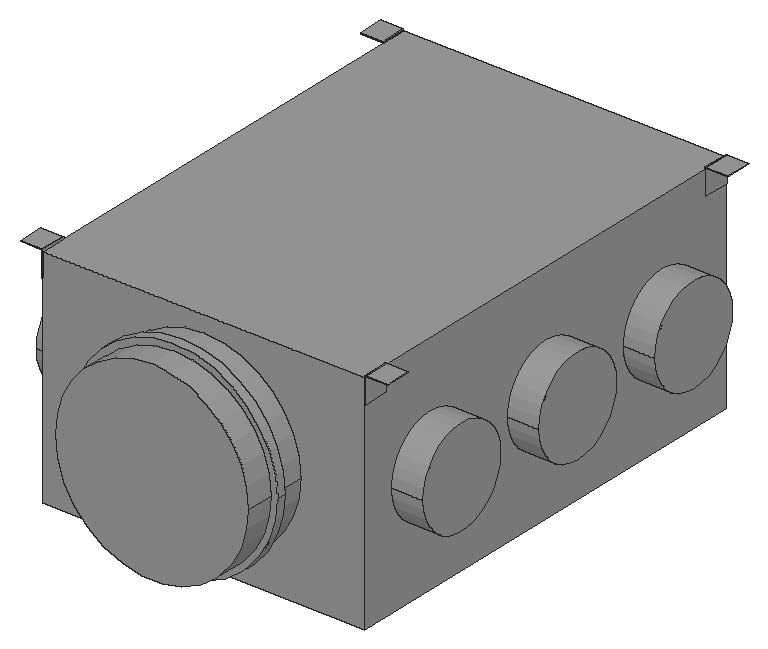
Revit family "FASU(F7-150 300Φ)", category ダクト付属品, Revit 2022
Family settings
  丸型コネクタ寸法 = 直径を使用
  パーツ タイプ = ダンパー
  OmniClass 番号 = 23.75.00.00
  OmniClass タイトル = Climate Control (HVAC)
  作業面ベース = いいえ
  常に垂直 = はい
  ロード時にボイドで切り取り = いいえ
  共有 = いいえ
Parameters
  高さ = 350 mm
  風量 = 0.0 L/s
  符号 = "FASU"
  形式 = "F7-150 300φ"
  幅 [instance] = 500 mm
  奥行き = 700 mm
  大きさ = 250 mm
  呼称 = "FASUチャンバー"
  付属品_下端レベル [instance] = 0 mm
  マテリアル [instance] = 既定値
  ダクト_イン = 300 mm
  ダクト_アウト = 150 mm
  既定の高さ = 0 mm
Reference planes
  plane 1 "中心(正面/背面)": y = 0
  plane 2: z = 0
  plane 3 "中心(左/右)": x = 0
  plane 4: x = -250
  plane 5: x = 250
  plane 6: y = -700
  plane 7: z = 350
  plane 8: z = 175
  plane 9: z = 266.963
  plane 10: z = 86.159
  plane 11: x = -251
  plane 12: z = 313.122
  plane 13: z = 352.122
  plane 14: y = -350
Forms (mm)
  Extrusion 1, solid, material "既定値" <- "マテリアル"
    sketch origin (0, 0, 0) x (1, 0, 0) y (0, 1, 0)
      loop
        line (-250, 0) -> (-250, -700) -> (250, -700) -> (250, 0) -> (-250, 0)
    from 0 to 350
  Extrusion 2, solid, material "既定値" <- "マテリアル"
    sketch origin (0, -30, 0) x (1, 0, 0) y (0, 1, 0)
      loop
        line (-250, 30) -> (-251, 30) -> (-251, -10) -> (-250, -10) -> (-250, 30)
    from 313.122 to 350
  Extrusion 3, solid, material "既定値" <- "マテリアル"
    sketch origin (0, -30, 0) x (1, 0, 0) y (0, 1, 0)
      loop
        line (-285, 30) -> (-285, -10) -> (-251, -10) -> (-251, 30) -> (-285, 30)
    from 352.122 to 350
  Extrusion 4, solid, material "既定値" <- "マテリアル"
    sketch origin (0, -30, 0) x (-1, 0, 0) y (0, -1, 0)
      loop
        line (-250, -30) -> (-250, 10) -> (-251, 10) -> (-251, -30) -> (-250, -30)
    from 313.122 to 353.122
  Extrusion 5, solid, material "既定値" <- "マテリアル"
    sketch origin (0, -30, 0) x (-1, 0, 0) y (0, -1, 0)
      loop
        line (-285, -30) -> (-251, -30) -> (-251, 10) -> (-285, 10) -> (-285, -30)
    from 352.122 to 353.122
  Extrusion 6, solid, material "既定値" <- "マテリアル"
    sketch origin (0, -490, 0) x (1, 0, 0) y (0, 1, 0)
      loop
        line (-285, -170) -> (-285, -210) -> (-251, -210) -> (-251, -170) -> (-285, -170)
    from 352.122 to 353.122
  Extrusion 7, solid, material "既定値" <- "マテリアル"
    sketch origin (0, -490, 0) x (1, 0, 0) y (0, 1, 0)
      loop
        line (-250, -170) -> (-251, -170) -> (-251, -210) -> (-250, -210) -> (-250, -170)
    from 313.122 to 353.122
  Extrusion 8, solid, material "既定値" <- "マテリアル"
    sketch origin (0, -490, 0) x (-1, 0, 0) y (0, -1, 0)
      loop
        line (-285, 170) -> (-251, 170) -> (-251, 210) -> (-285, 210) -> (-285, 170)
    from 352.122 to 353.122
  Extrusion 9, solid, material "既定値" <- "マテリアル"
    sketch origin (0, -490, 0) x (-1, 0, 0) y (0, -1, 0)
      loop
        line (-250, 170) -> (-250, 210) -> (-251, 210) -> (-251, 170) -> (-250, 170)
    from 313.122 to 353.122
  Extrusion 10, solid, material "既定値" <- "マテリアル"
    sketch origin (550, -582.5, 0) x (0, -1, 0) y (0, 0, -1)
      loop
        circle (-232.5, -175) r 74.985
    from -300 to -250
  Extrusion 11, solid, material "既定値" <- "マテリアル"
    sketch origin (-550, -582.5, 0) x (0, -1, 0) y (0, 0, 1)
      loop
        circle (-232.5, 175) r 74.985
    from -300 to -250
  Extrusion 12, solid, material "既定値" <- "マテリアル"
    sketch origin (0, -700, 0) x (1, 0, 0) y (0, 0, 1)
      loop
        circle (0, 175) r 150
    from 0 to 42.5
  Extrusion 13, solid, material "既定値" <- "マテリアル"
    sketch origin (0, -743, 0) x (1, 0, 0) y (0, 0, 1)
      loop
        circle (0, 175) r 160
    from -0.5 to 14.5
  Extrusion 14, solid, material "既定値" <- "マテリアル"
    sketch origin (0, -757.5, 0) x (1, 0, 0) y (0, 0, 1)
      loop
        circle (0, 175) r 150
    from 0 to 42.5
  Extrusion 15, solid, material "既定値" <- "マテリアル"
    sketch origin (550, -357.5, 0) x (0, -1, 0) y (0, 0, -1)
      loop
        circle (-232.5, -175) r 74.985
    from -300 to -250
  Extrusion 16, solid, material "既定値" <- "マテリアル"
    sketch origin (-550, -357.5, 0) x (0, -1, 0) y (0, 0, 1)
      loop
        circle (-232.5, 175) r 74.985
    from -300 to -250
  Extrusion 17, solid, material "既定値" <- "マテリアル"
    sketch origin (550, -142.5, 0) x (0, 1, 0) y (0, 0, 1)
      loop
        circle (-432.5, 175) r 74.985
    from -300 to -250
  Extrusion 18, solid, material "既定値" <- "マテリアル"
    sketch origin (0, -142.5, 0) x (0, 1, 0) y (0, 0, 1)
      loop
        circle (-432.5, 175) r 74.985
    from -300 to -250
  Extrusion 19, solid, material "既定値" <- "マテリアル"
    sketch origin (232.5, 300, 0) x (1, 0, 0) y (0, 0, -1)
      loop
        circle (-232.5, -175) r 74.985
    from -300 to -250
Lines and regions (mm)
  model lines
    curve 1: line (-250, -30, 0) -> (250, -30, 0)
    curve 2: line (-250, -670, 0) -> (250, -670, 0)
Text (mm)
  text "FASU(F7-150 300Φ)" at (3.713, -630.412, 0), in view "参照レベル"
Dimensions and locks
  equal spacing: plane 4, plane 3 "中心(左/右)", plane 5
  "幅": plane 4 to plane 5
  "奥行き": plane 6 to plane 1 "中心(正面/背面)"
  "高さ": plane 7 to level
  equal spacing: plane 7, plane 8, level
  equal spacing: plane 6, plane 14, plane 1 "中心(正面/背面)"
  aligned and locked: level to plane 2
  aligned and locked: Extrusion 1 sketch curve to plane 5
  aligned and locked: plane 7 to Extrusion 1
  aligned and locked: Extrusion 2 sketch curve to Extrusion 1
  aligned and locked: plane 7 to Extrusion 2
  aligned and locked: Extrusion 3 sketch curve to Extrusion 2
  aligned and locked: Extrusion 2 to Extrusion 3 sketch curve
  aligned and locked: plane 7 to Extrusion 3
  aligned and locked: Extrusion 3 to plane 13
  aligned and locked: Extrusion 4 to Extrusion 5 sketch curve
  aligned and locked: Extrusion 5 sketch curve to Extrusion 4
  aligned and locked: Extrusion 1 to Extrusion 8
  aligned and locked: Extrusion 6 to Extrusion 1
  aligned and locked: Extrusion 7 to Extrusion 1
  aligned and locked: Extrusion 1 to Extrusion 9
  aligned and locked: Extrusion 9 to Extrusion 8
  aligned and locked: Extrusion 7 to Extrusion 6
  aligned and locked: plane 4 to Extrusion 7
  aligned and locked: Extrusion 9 to plane 5
  aligned and locked: plane 4 to curve 1
  aligned and locked: plane 5 to curve 1
  aligned and locked: plane 5 to curve 2
  aligned and locked: Extrusion 1 to Extrusion 3
  aligned and locked: Extrusion 5 to Extrusion 1
  aligned and locked: Extrusion 4 to plane 5
  aligned and locked: Extrusion 1 to plane 6
  aligned and locked: Extrusion 1 to plane 1 "中心(正面/背面)"
  aligned and locked: plane 6 to Extrusion 12
  aligned and locked: Extrusion 15 to plane 5
  aligned and locked: plane 4 to Extrusion 16
  aligned and locked: Extrusion 17 to plane 5
  aligned and locked: plane 4 to Extrusion 18
Automatic sketch dimensions
  curve 2 to plane 4 = 0 mm
  plane 6 to curve 2 = 30 mm
  plane 1 "中心(正面/背面)" to curve 1 = 30 mm
  Extrusion 1 sketch curve to plane 4 = 0 mm
  Extrusion 1 sketch curve to plane 6 = 0 mm
  plane 1 "中心(正面/背面)" to Extrusion 1 sketch curve = 0 mm
  plane 1 "中心(正面/背面)" to Extrusion 2 sketch curve = 0 mm
  Extrusion 2 sketch curve to plane 11 = 0 mm
  Extrusion 2 sketch curve to Extrusion 2 sketch curve = 40 mm
  plane 1 "中心(正面/背面)" to Extrusion 3 sketch curve = 0 mm
  Extrusion 3 sketch curve to Extrusion 3 sketch curve = 34 mm
  plane 1 "中心(正面/背面)" to Extrusion 4 sketch curve = 0 mm
  Extrusion 4 sketch curve to plane 5 = 0 mm
  Extrusion 4 sketch curve to Extrusion 4 sketch curve = 1 mm
  Extrusion 4 sketch curve to Extrusion 4 sketch curve = 40 mm
  plane 1 "中心(正面/背面)" to Extrusion 5 sketch curve = 0 mm
  Extrusion 5 sketch curve to Extrusion 5 sketch curve = 34 mm
  Extrusion 6 sketch curve to plane 6 = 0 mm
  Extrusion 6 sketch curve to plane 11 = 0 mm
  Extrusion 6 sketch curve to plane 11 = 34 mm
  plane 6 to Extrusion 6 sketch curve = 40 mm
  Extrusion 7 sketch curve to plane 11 = 0 mm
  Extrusion 7 sketch curve to plane 4 = 0 mm
  Extrusion 7 sketch curve to plane 6 = 0 mm
  plane 6 to Extrusion 7 sketch curve = 40 mm
  Extrusion 8 sketch curve to plane 6 = 0 mm
  Extrusion 8 sketch curve to plane 5 = 35 mm
  Extrusion 8 sketch curve to plane 5 = 1 mm
  Extrusion 8 sketch curve to Extrusion 8 sketch curve = 40 mm
  Extrusion 9 sketch curve to plane 6 = 0 mm
  Extrusion 9 sketch curve to plane 5 = 0 mm
  Extrusion 9 sketch curve to Extrusion 9 sketch curve = 1 mm
  Extrusion 9 sketch curve to Extrusion 9 sketch curve = 40 mm
  Extrusion 10 sketch curve to plane 8 = 0 mm
  Extrusion 10 sketch curve to plane 14 = 0 mm
  Extrusion 11 sketch curve to plane 8 = 0 mm
  Extrusion 11 sketch curve to plane 14 = 0 mm
  Extrusion 12 sketch curve to plane 3 "中心(左/右)" = 0 mm
  Extrusion 12 sketch curve to plane 8 = 0 mm
  Extrusion 13 sketch curve to plane 3 "中心(左/右)" = 0 mm
  Extrusion 13 sketch curve to plane 8 = 0 mm
  Extrusion 14 sketch curve to plane 3 "中心(左/右)" = 0 mm
  Extrusion 14 sketch curve to plane 8 = 0 mm
  Extrusion 15 sketch curve to plane 8 = 0 mm
  plane 1 "中心(正面/背面)" to Extrusion 15 sketch curve = 125 mm
  Extrusion 16 sketch curve to plane 8 = 0 mm
  plane 1 "中心(正面/背面)" to Extrusion 16 sketch curve = 125 mm
  Extrusion 17 sketch curve to plane 8 = 0 mm
  plane 6 to Extrusion 17 sketch curve = 125 mm
  Extrusion 18 sketch curve to plane 8 = 0 mm
  plane 6 to Extrusion 18 sketch curve = 125 mm
  Extrusion 19 sketch curve to plane 3 "中心(左/右)" = 0 mm
  Extrusion 19 sketch curve to plane 8 = 0 mm
  radius of Extrusion 10 sketch curve = 74.985 mm
  radius of Extrusion 11 sketch curve = 74.985 mm
  radius of Extrusion 12 sketch curve = 150 mm
  radius of Extrusion 13 sketch curve = 160 mm
  radius of Extrusion 14 sketch curve = 150 mm
  radius of Extrusion 15 sketch curve = 74.985 mm
  radius of Extrusion 16 sketch curve = 74.985 mm
  radius of Extrusion 17 sketch curve = 74.985 mm
  radius of Extrusion 18 sketch curve = 74.985 mm
  radius of Extrusion 19 sketch curve = 74.985 mm
Connectors
  hvac at (-300, -575, 175), driven by "ダクト_アウト"
    settings: on Extrusion 18, index 1, duct flow 0.0 L/s, flow factor 0, pres drop 0.0 Pa, loss coef 0, conn angle 0.00°, conn width 304.8 mm, conn height 304.8 mm, conn diameter 150 mm, duct sys type 29, conn prof type 0, flow config 0, flow direction 2, loss method 0, conn ref index -1, conn util no, is conn primary yes, conn desc ""
  hvac at (-300, -350, 175), driven by "ダクト_アウト"
    settings: on Extrusion 11, index 2, duct flow 0.0 L/s, flow factor 0, pres drop 0.0 Pa, loss coef 0, conn angle 0.00°, conn width 304.8 mm, conn height 304.8 mm, conn diameter 150 mm, duct sys type 29, conn prof type 0, flow config 0, flow direction 2, loss method 0, conn ref index -1, conn util no, is conn primary no, conn desc ""
  hvac at (-300, -125, 175), driven by "ダクト_アウト"
    settings: on Extrusion 16, index 3, duct flow 0.0 L/s, flow factor 0, pres drop 0.0 Pa, loss coef 0, conn angle 0.00°, conn width 304.8 mm, conn height 304.8 mm, conn diameter 150 mm, duct sys type 29, conn prof type 0, flow config 0, flow direction 2, loss method 0, conn ref index -1, conn util no, is conn primary no, conn desc ""
  hvac at (0, 50, 175), driven by "ダクト_アウト"
    settings: on Extrusion 19, index 4, duct flow 0.0 L/s, flow factor 0, pres drop 0.0 Pa, loss coef 0, conn angle 0.00°, conn width 304.8 mm, conn height 304.8 mm, conn diameter 150 mm, duct sys type 29, conn prof type 0, flow config 0, flow direction 2, loss method 0, conn ref index -1, conn util no, is conn primary no, conn desc ""
  hvac at (300, -125, 175), driven by "ダクト_アウト"
    settings: on Extrusion 15, index 5, duct flow 0.0 L/s, flow factor 0, pres drop 0.0 Pa, loss coef 0, conn angle 0.00°, conn width 304.8 mm, conn height 304.8 mm, conn diameter 150 mm, duct sys type 29, conn prof type 0, flow config 0, flow direction 2, loss method 0, conn ref index -1, conn util no, is conn primary no, conn desc ""
  hvac at (300, -350, 175), driven by "ダクト_アウト"
    settings: on Extrusion 10, index 6, duct flow 0.0 L/s, flow factor 0, pres drop 0.0 Pa, loss coef 0, conn angle 0.00°, conn width 304.8 mm, conn height 304.8 mm, conn diameter 150 mm, duct sys type 29, conn prof type 0, flow config 0, flow direction 2, loss method 0, conn ref index -1, conn util no, is conn primary no, conn desc ""
  hvac at (300, -575, 175), driven by "ダクト_アウト"
    settings: on Extrusion 17, index 7, duct flow 0.0 L/s, flow factor 0, pres drop 0.0 Pa, loss coef 0, conn angle 0.00°, conn width 304.8 mm, conn height 304.8 mm, conn diameter 150 mm, duct sys type 29, conn prof type 0, flow config 0, flow direction 2, loss method 0, conn ref index -1, conn util no, is conn primary no, conn desc ""
  hvac at (0, -800, 175), driven by "ダクト_イン"
    settings: on Extrusion 14, index 8, duct flow 0.0 L/s, flow factor 0, pres drop 0.0 Pa, loss coef 0, conn angle 0.00°, conn width 304.8 mm, conn height 304.8 mm, conn diameter 300 mm, duct sys type 29, conn prof type 0, flow config 0, flow direction 1, loss method 0, conn ref index -1, conn util no, is conn primary no, conn desc ""
